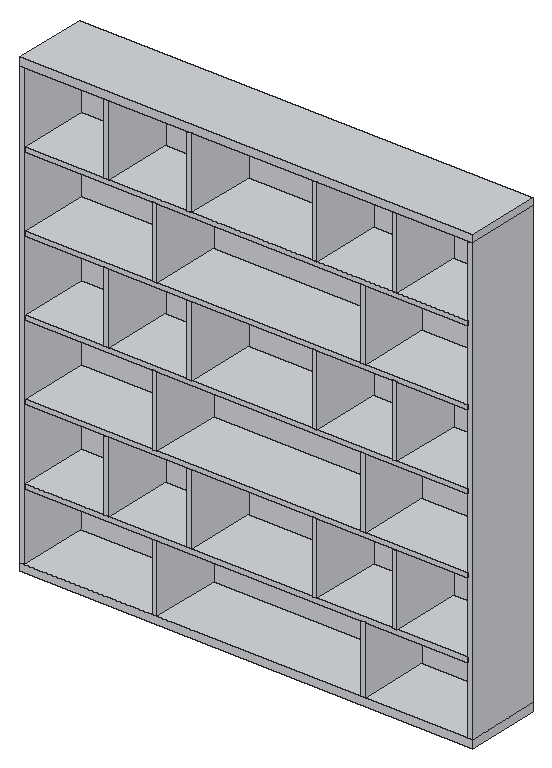
Revit family
Parameters
  spessore parete = 30 mm
  spessore base = 50 mm
  profondità = 500 mm
  metà profondità = profondità / 2  # 250 mm
  metà larghezza = larghezza / 2  # 1500 mm
  lungh più grande = 800 mm
  laterali = 30 mm
  larghezza scaffali = 500 mm
  larghezza = 3000 mm
  altezza scaffali = 500 mm
  altezza = 3000 mm
Reference planes
  plane 1 "Centro (Fronte/Retro)": y = 0
  plane 2: z = 0
  plane 3 "Centro (Sinistra/Destra)": x = 0
  plane 4: x = -1500
  plane 5: x = 1500
  plane 6: y = 250
  plane 7: y = -250
  plane 8: z = 50
  plane 9: x = -1470
  plane 10: x = 1470
  plane 11: z = 3000
  plane 12: y = 220
  plane 13: z = 3050
  plane 14: z = 500
  plane 15: z = 1000
  plane 16: z = 1500
  plane 17: z = 2000
  plane 18: z = 2500
  plane 19: z = 530
  plane 20: z = 1030
  plane 21: z = 1530
  plane 22: z = 2030
  plane 23: z = 2530
  plane 24: x = -280.477
  plane 25: x = 1000
  plane 26: x = 970
  plane 27: x = 470
  plane 28: x = 440
  plane 29: x = -360
  plane 30: x = -390
  plane 31: x = -911.705
  plane 32: x = -941.705
  plane 33: x = -621.705
  plane 34: x = -591.705
  plane 35: x = 790
  plane 36: x = 760
Forms (mm)
  Extrusion 1, solid
    sketch origin (0, 0, 0) x (1, 0, 0) y (0, 1, 0)
      loop
        line (-1500, 250) -> (-1500, -250) -> (1500, -250) -> (1500, 250) -> (-1500, 250)
    from 0 to 50
  Extrusion 2, solid
    sketch origin (0, 0, 0) x (1, 0, 0) y (0, 1, 0)
      loop
        line (-1470, 250) -> (-1500, 250) -> (-1500, -250) -> (-1470, -250) -> (-1470, 250)
    from 50 to 3000
  Extrusion 3, solid
    sketch origin (0, 0, 0) x (1, 0, 0) y (0, 1, 0)
      loop
        line (1500, 250) -> (1470, 250) -> (1470, -250) -> (1500, -250) -> (1500, 250)
    from 50 to 3000
  Extrusion 4, solid
    sketch origin (0, 0, 0) x (1, 0, 0) y (0, 1, 0)
      loop
        line (-1470, 250) -> (-1470, 220) -> (1470, 220) -> (1470, 250) -> (-1470, 250)
    from 50 to 3000
  Extrusion 5, solid
    sketch origin (0, 0, 0) x (0, 1, 0) y (0, 0, 1)
      loop
        line (-250, 3000) -> (250, 3000) -> (250, 3050) -> (-250, 3050) -> (-250, 3000)
    from -1500 to 1500
  Extrusion 6, solid
    sketch origin (0, 0, 0) x (0, 1, 0) y (0, 0, 1)
      loop
        line (-250, 500) -> (220, 500) -> (220, 530) -> (-250, 530) -> (-250, 500)
    from -1470 to 1470
  Extrusion 7, solid
    sketch origin (0, 0, 0) x (0, 1, 0) y (0, 0, 1)
      loop
        line (-250, 1000) -> (220, 1000) -> (220, 1030) -> (-250, 1030) -> (-250, 1000)
      loop
        line (-250, 1500) -> (220, 1500) -> (220, 1530) -> (-250, 1530) -> (-250, 1500)
      loop
        line (-250, 2000) -> (220, 2000) -> (220, 2030) -> (-250, 2030) -> (-250, 2000)
    from -1470 to 1470
  Extrusion 8, solid
    sketch origin (0, 0, 0) x (0, 1, 0) y (0, 0, 1)
      loop
        line (-250, 2500) -> (220, 2500) -> (220, 2530) -> (-250, 2530) -> (-250, 2500)
    from -1470 to 1470
  Extrusion 9, solid
    sketch origin (0, 0, 0) x (1, 0, 0) y (0, 1, 0)
      loop
        line (1000, 220) -> (970, 220) -> (970, -250) -> (1000, -250) -> (1000, 220)
    from 2530 to 3000
  Extrusion 10, solid
    sketch origin (0, 0, 0) x (1, 0, 0) y (0, 1, 0)
      loop
        line (470, 220) -> (440, 220) -> (440, -250) -> (470, -250) -> (470, 220)
    from 2530 to 3000
  Extrusion 11, solid
    sketch origin (0, 0, 0) x (1, 0, 0) y (0, 1, 0)
      loop
        line (-360, 220) -> (-390, 220) -> (-390, -250) -> (-360, -250) -> (-360, 220)
    from 2530 to 3000
  Extrusion 12, solid
    sketch origin (0, 0, 0) x (1, 0, 0) y (0, 1, 0)
      loop
        line (-911.705, 220) -> (-941.705, 220) -> (-941.705, -250) -> (-911.705, -250) -> (-911.705, 220)
    from 2530 to 3000
  Extrusion 13, solid
    sketch origin (0, 0, 0) x (1, 0, 0) y (0, 1, 0)
      loop
        line (-591.705, 220) -> (-621.705, 220) -> (-621.705, -250) -> (-591.705, -250) -> (-591.705, 220)
    from 50 to 500
  Extrusion 14, solid
    sketch origin (0, 0, 0) x (1, 0, 0) y (0, 1, 0)
      loop
        line (790, 220) -> (760, 220) -> (760, -250) -> (790, -250) -> (790, 220)
    from 50 to 500
  Extrusion 15, solid
    sketch origin (0, 0, 0) x (1, 0, 0) y (0, 1, 0)
      loop
        line (-911.705, 220) -> (-941.705, 220) -> (-941.705, -250) -> (-911.705, -250) -> (-911.705, 220)
      loop
        line (-390, 220) -> (-390, -250) -> (-360, -250) -> (-360, 220) -> (-390, 220)
      loop
        line (470, 220) -> (440, 220) -> (440, -250) -> (470, -250) -> (470, 220)
      loop
        line (970, 220) -> (970, -250) -> (1000, -250) -> (1000, 220) -> (970, 220)
    from 530 to 1000
  Extrusion 16, solid
    sketch origin (0, 0, 0) x (1, 0, 0) y (0, 1, 0)
      loop
        line (790, 220) -> (760, 220) -> (760, -250) -> (790, -250) -> (790, 220)
      loop
        line (-591.705, 220) -> (-621.705, 220) -> (-621.705, -250) -> (-591.705, -250) -> (-591.705, 220)
    from 1030 to 1500
  Extrusion 17, solid
    sketch origin (0, 0, 0) x (1, 0, 0) y (0, 1, 0)
      loop
        line (-911.705, 220) -> (-941.705, 220) -> (-941.705, -250) -> (-911.705, -250) -> (-911.705, 220)
      loop
        line (-360, 220) -> (-390, 220) -> (-390, -250) -> (-360, -250) -> (-360, 220)
      loop
        line (1000, 220) -> (970, 220) -> (970, -250) -> (1000, -250) -> (1000, 220)
      loop
        line (470, 220) -> (440, 220) -> (440, -250) -> (470, -250) -> (470, 220)
    from 1530 to 2000
  Extrusion 18, solid
    sketch origin (0, 0, 0) x (1, 0, 0) y (0, 1, 0)
      loop
        line (-591.705, 220) -> (-621.705, 220) -> (-621.705, -250) -> (-591.705, -250) -> (-591.705, 220)
      loop
        line (790, 220) -> (760, 220) -> (760, -250) -> (790, -250) -> (790, 220)
    from 2030 to 2500
Dimensions and locks
  "metà profondità": plane 6 to plane 1 "Centro (Fronte/Retro)"
  "metà profondità": plane 7 to plane 1 "Centro (Fronte/Retro)"
  "metà larghezza": plane 4 to plane 3 "Centro (Sinistra/Destra)"
  "metà larghezza": plane 3 "Centro (Sinistra/Destra)" to plane 5
  "spessore base": plane 8 to level
  "laterali": plane 4 to plane 9
  "laterali": plane 10 to plane 5
  "altezza": plane 11 to level
  "spessore parete": plane 6 to plane 12
  "spessore base": plane 13 to plane 11
  "altezza scaffali": plane 14 to level
  "altezza scaffali": plane 15 to plane 14
  "altezza scaffali": plane 16 to plane 15
  "altezza scaffali": plane 17 to plane 16
  "altezza scaffali": plane 18 to plane 17
  "spessore parete": plane 19 to plane 14
  "spessore parete": plane 20 to plane 15
  "spessore parete": plane 21 to plane 16
  "spessore parete": plane 22 to plane 17
  "spessore parete": plane 23 to plane 18
  "larghezza scaffali": plane 25 to plane 5
  "spessore parete": plane 26 to plane 25
  "larghezza scaffali": plane 27 to plane 26
  "spessore parete": plane 28 to plane 27
  "lungh più grande": plane 29 to plane 28
  "spessore parete": plane 30 to plane 29
  "spessore parete": plane 32 to plane 31
  "spessore parete": plane 33 to plane 34
  "spessore parete": plane 36 to plane 35
  plane 4 to plane 32 = 558.295 mm
  aligned and locked: Extrusion 1 sketch curve to plane 5
  aligned and locked: Extrusion 1 sketch curve to plane 6
  aligned and locked: plane 4 to Extrusion 1 sketch curve
  aligned and locked: plane 7 to Extrusion 1 sketch curve
  aligned and locked: plane 8 to Extrusion 1
  aligned and locked: plane 9 to Extrusion 2
  aligned and locked: Extrusion 2 to plane 4
  aligned and locked: Extrusion 4 to plane 12
  aligned and locked: plane 11 to Extrusion 4
  aligned and locked: plane 11 to Extrusion 3
  aligned and locked: plane 11 to Extrusion 2
  aligned and locked: Extrusion 2 to plane 8
  aligned and locked: Extrusion 3 to plane 8
  aligned and locked: Extrusion 4 to plane 8
  aligned and locked: Extrusion 5 to plane 4
  aligned and locked: plane 5 to Extrusion 5
  aligned and locked: plane 19 to Extrusion 6
  aligned and locked: plane 10 to Extrusion 6
  aligned and locked: Extrusion 6 to plane 9
  aligned and locked: plane 20 to Extrusion 7
  aligned and locked: plane 21 to Extrusion 7
  aligned and locked: plane 22 to Extrusion 7
  aligned and locked: plane 10 to Extrusion 7
  aligned and locked: Extrusion 7 to plane 9
  aligned and locked: plane 23 to Extrusion 8
  aligned and locked: plane 10 to Extrusion 8
  aligned and locked: Extrusion 8 to plane 9
  aligned and locked: Extrusion 9 to plane 26
  aligned and locked: Extrusion 10 to plane 28
  aligned and locked: Extrusion 11 to plane 30
  aligned and locked: Extrusion 12 to plane 32
  aligned and locked: plane 11 to Extrusion 12
  aligned and locked: plane 11 to Extrusion 11
  aligned and locked: plane 11 to Extrusion 10
  aligned and locked: Extrusion 12 to plane 23
  aligned and locked: Extrusion 11 to plane 23
  aligned and locked: Extrusion 10 to plane 23
  aligned and locked: Extrusion 9 to plane 23
  aligned and locked: plane 14 to Extrusion 14
  aligned and locked: Extrusion 13 to plane 8
  aligned and locked: plane 14 to Extrusion 13
  aligned and locked: Extrusion 14 to plane 8
  aligned and locked: Extrusion 15 to plane 32
  aligned and locked: plane 29 to Extrusion 15
  aligned and locked: Extrusion 15 to plane 28
  aligned and locked: plane 25 to Extrusion 15
  aligned and locked: plane 15 to Extrusion 15
  aligned and locked: Extrusion 15 to plane 19
  aligned and locked: Extrusion 16 to plane 33
  aligned and locked: Extrusion 16 to plane 36
  aligned and locked: Extrusion 16 to plane 20
  aligned and locked: Extrusion 17 to plane 32
  aligned and locked: Extrusion 17 to plane 30
  aligned and locked: Extrusion 17 to plane 28
  aligned and locked: Extrusion 17 to plane 26
  aligned and locked: plane 17 to Extrusion 17
  aligned and locked: Extrusion 17 to plane 21
  aligned and locked: Extrusion 18 to plane 33
  aligned and locked: Extrusion 18 to plane 36
  aligned and locked: plane 18 to Extrusion 18
  aligned and locked: Extrusion 18 to plane 22
Automatic sketch dimensions
  plane 4 to Extrusion 2 sketch curve = 30 mm
  Extrusion 2 sketch curve to plane 6 = 0 mm
  Extrusion 2 sketch curve to plane 7 = 0 mm
  Extrusion 2 sketch curve to plane 9 = 30 mm
  Extrusion 3 sketch curve to plane 6 = 0 mm
  Extrusion 3 sketch curve to plane 7 = 0 mm
  Extrusion 3 sketch curve to plane 5 = 0 mm
  Extrusion 3 sketch curve to plane 10 = 0 mm
  Extrusion 4 sketch curve to plane 9 = 0 mm
  Extrusion 4 sketch curve to plane 10 = 0 mm
  Extrusion 4 sketch curve to plane 6 = 0 mm
  Extrusion 4 sketch curve to plane 12 = 0 mm
  Extrusion 5 sketch curve to plane 7 = 0 mm
  Extrusion 5 sketch curve to plane 6 = 0 mm
  Extrusion 5 sketch curve to plane 11 = 0 mm
  Extrusion 5 sketch curve to plane 13 = 0 mm
  Extrusion 6 sketch curve to plane 7 = 0 mm
  Extrusion 6 sketch curve to plane 12 = 0 mm
  Extrusion 6 sketch curve to plane 14 = 0 mm
  Extrusion 6 sketch curve to plane 19 = 0 mm
  Extrusion 7 sketch curve to plane 7 = 0 mm  (x3)
  Extrusion 7 sketch curve to plane 12 = 0 mm  (x3)
  Extrusion 7 sketch curve to plane 15 = 0 mm
  Extrusion 7 sketch curve to plane 16 = 0 mm
  Extrusion 7 sketch curve to plane 17 = 0 mm
  plane 20 to Extrusion 7 sketch curve = 0 mm
  plane 21 to Extrusion 7 sketch curve = 0 mm
  plane 22 to Extrusion 7 sketch curve = 0 mm
  Extrusion 8 sketch curve to plane 7 = 0 mm
  Extrusion 8 sketch curve to plane 12 = 0 mm
  Extrusion 8 sketch curve to plane 18 = 0 mm
  plane 23 to Extrusion 8 sketch curve = 0 mm
  Extrusion 9 sketch curve to plane 12 = 0 mm
  Extrusion 9 sketch curve to plane 7 = 0 mm
  Extrusion 9 sketch curve to plane 25 = 0 mm
  Extrusion 9 sketch curve to plane 26 = 0 mm
  Extrusion 10 sketch curve to plane 12 = 0 mm
  Extrusion 10 sketch curve to plane 7 = 0 mm
  Extrusion 10 sketch curve to plane 27 = 0 mm
  Extrusion 10 sketch curve to plane 28 = 0 mm
  Extrusion 11 sketch curve to plane 12 = 0 mm
  Extrusion 11 sketch curve to plane 7 = 0 mm
  Extrusion 11 sketch curve to plane 29 = 0 mm
  Extrusion 11 sketch curve to plane 30 = 0 mm
  Extrusion 12 sketch curve to plane 12 = 0 mm
  Extrusion 12 sketch curve to plane 7 = 0 mm
  Extrusion 12 sketch curve to plane 31 = 0 mm
  Extrusion 12 sketch curve to plane 32 = 0 mm
  Extrusion 13 sketch curve to plane 12 = 0 mm
  Extrusion 13 sketch curve to plane 7 = 0 mm
  Extrusion 13 sketch curve to plane 34 = 0 mm
  Extrusion 13 sketch curve to plane 33 = 0 mm
  Extrusion 14 sketch curve to plane 12 = 0 mm
  Extrusion 14 sketch curve to plane 7 = 0 mm
  Extrusion 14 sketch curve to plane 35 = 0 mm
  Extrusion 14 sketch curve to plane 36 = 0 mm
  Extrusion 15 sketch curve to plane 12 = 0 mm  (x4)
  Extrusion 15 sketch curve to plane 7 = 0 mm  (x4)
  Extrusion 15 sketch curve to plane 31 = 0 mm
  Extrusion 15 sketch curve to plane 30 = 0 mm
  Extrusion 15 sketch curve to plane 27 = 0 mm
  Extrusion 15 sketch curve to plane 26 = 0 mm
  Extrusion 15 sketch curve to plane 32 = 0 mm
  Extrusion 15 sketch curve to plane 24 = 79.523 mm
  Extrusion 15 sketch curve to plane 28 = 0 mm
  plane 25 to Extrusion 15 sketch curve = 0 mm
  Extrusion 16 sketch curve to plane 12 = 0 mm  (x2)
  Extrusion 16 sketch curve to plane 7 = 0 mm  (x2)
  Extrusion 16 sketch curve to plane 34 = 0 mm
  Extrusion 16 sketch curve to plane 35 = 0 mm
  Extrusion 16 sketch curve to plane 33 = 0 mm
  Extrusion 16 sketch curve to plane 36 = 0 mm
  Extrusion 17 sketch curve to plane 12 = 0 mm  (x4)
  Extrusion 17 sketch curve to plane 7 = 0 mm  (x4)
  Extrusion 17 sketch curve to plane 31 = 0 mm
  Extrusion 17 sketch curve to plane 29 = 0 mm
  Extrusion 17 sketch curve to plane 27 = 0 mm
  Extrusion 17 sketch curve to plane 25 = 0 mm
  Extrusion 17 sketch curve to plane 32 = 0 mm
  Extrusion 17 sketch curve to plane 30 = 0 mm
  Extrusion 17 sketch curve to plane 28 = 0 mm
  plane 35 to Extrusion 17 sketch curve = 180 mm
  Extrusion 18 sketch curve to plane 12 = 0 mm  (x2)
  Extrusion 18 sketch curve to plane 7 = 0 mm  (x2)
  Extrusion 18 sketch curve to plane 34 = 0 mm
  Extrusion 18 sketch curve to plane 35 = 0 mm
  Extrusion 18 sketch curve to plane 33 = 0 mm
  Extrusion 18 sketch curve to plane 36 = 0 mm
